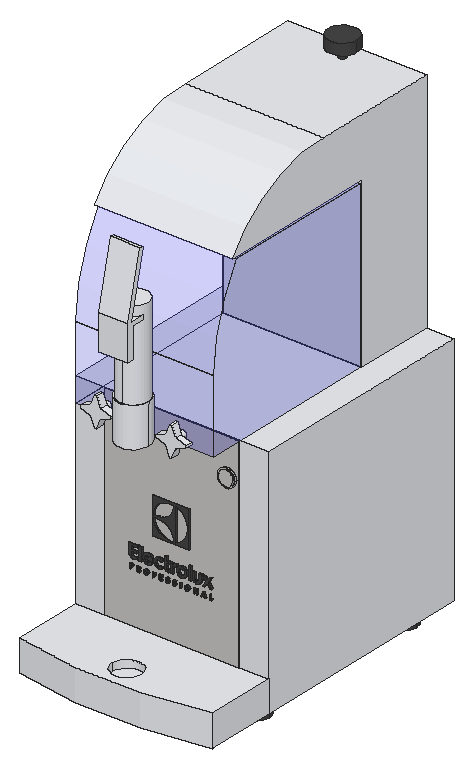
Revit family "QF_ELECTROLUXPROFESSIONAL_562526_GT1PR290", category Attrezzature speciali, Revit 2020
Family settings
  Quota connettore circolare = Usa diametro
  Tipo di parte = Normale
  Basato su piano di lavoro = No
  Sempre verticale = Sì
  Taglio con vuoti quando caricato = No
  Condiviso = No
  Punto di calcolo locali = No
Parameters (values of type "Standard")
  Weight = 28.00 kg
  Watts = 420 W
  Volts = 220 V
  URL Manufacturer = "https://www.electroluxprofessional.com/"
  URL = "https://www.electroluxprofessional.com/"
  Steam Supply Size = 0 mm
  Steam Supply Minimum Pressure = 0.0 Pa
  Steam Supply Maximum Pressure = 0.0 Pa
  Steam Consumption per Hour = 0
  Show Logo [instance] = yes
  Show Clearance [instance] = yes
  Refrigeration Suction Line Size = 0 mm
  Refrigeration Liquid Line Size = 0 mm
  Refrigerant Compressor Remote = yes
  Prospetto di default = 0 mm
  Produttore = "Electrolux Professional"
  Phase = 1
  Modello = "GT1PR290"
  Length Actual = 260 mm  # constant formula
  Item Number = "562526"
  Hot Water Size = 0 mm
  Height Actual = 650 mm  # constant formula
  HP = "0.6 HP"
  Gas Size = 0 mm
  Gas KW = 0
  Gas Input Pressure = 0 W
  Direct Waste Size = 0 mm
  Descrizione = "1X5 LT BOWL - FROZEN GRANITA, FROZEN CREAMS AND SOFT ICE CREAM DISPENSER - 1 INSULATED BOWL - WHITE, R290 - UK"
  Depth Actual = 425 mm  # constant formula
  Cycle = 50 Hz
  Condensate Return Size = 0 mm
  Compressed Air Volume = 0.0 L/s
  Compressed Air Size = 0 mm
  Compressed Air Pressure = 0.0 Pa
  Cold Water Size = 0 mm
  Accessory = yes
Reference planes
  plane 1: z = 0
  plane 2 "LEFT": x = -300
  plane 3 "BACK": y = 282.5
  plane 4: z = 648.875
  plane 5: z = 340
  plane 6: z = 63
  plane 7: z = 677
  plane 8: x = -38
  plane 9: y = -142.5
Forms (mm)
  Extrusion 1, solid, material "QF_Finishes_White"
    sketch origin (0, -1.353, -30) x (1, 0, 0) y (0, 1, 0)
      loop
        line (-300, 283.853) -> (-300, -31.147) -> (-38, -31.147) -> (-38, 283.853) -> (-300, 283.853)
    from 50 to 370
  Extrusion 2, solid, material "QF_Finishes_Stainless Steel"
    sketch origin (15.921, 130.5, -87.462) x (1, 0, 0) y (0, 1, 0)
      loop
        line (-93.921, -163) -> (-275.921, -163) -> (-275.921, -163.8) -> (-93.921, -163.8) -> (-93.921, -163)
    from 150.462 to 427.462
  Extrusion 3, solid, material "QF_Finishes_Stainless Steel"
    sketch origin (-521.596, -170.677, 18) x (0, -1, 0) y (1, 0, 0)
      loop
        line (-163.023, 407.596) -> (-163.023, 427.596) -> (-183.023, 427.596) -> (-183.023, 407.596) -> (-163.023, 407.596)
    from 0 to 2
Dimensions and locks
  plane 4 to level = 648.875 mm
  level to plane 7 = 677 mm
  plane 6 to level = 63 mm
  plane 5 to plane 6 = 277 mm
  plane 2 "LEFT" to plane 8 = 262 mm
  plane 9 to plane 3 "BACK" = 425 mm
  plane 5 to nested 11 = 246.5 mm
  plane 3 "BACK" to nested 11 = 417.25 mm
  plane 3 "BACK" to plane 9 = 425 mm
  aligned and locked: level to plane 1
Nested families
  nested 1: "MANOPOLA BEVERAGE" at (-220, -78.664, 353.538) x (0, 0, 1) z (0, -1, 0), type "MANOPOLA BEVERAGE"
  nested 2: "MANOPOLA BEVERAGE" at (-118, -78.664, 353.538) x (0, 0, 1) z (0, -1, 0), type "MANOPOLA BEVERAGE"
  nested 3: "PORTAGRANITE BEVERAGE-fat" at (-169, 107.419, 340), type "PORTAGRANITE BEVERAGE-fat"
  nested 4: "VASCHETTA BEVERAGE_Large" at (-169, -32.5, 41.5) x (1, 0, 0) z (0, -1, 0), type "VASCHETTA BEVERAGE_Large"
  nested 5: "ELXP_LOGO_ONLY_MEDIUM" at (-169, -33.3, 208.538) x (1, 0, 0) z (0, -1, 0), Show Logo <- "Show Logo", visible <- "Show Logo", type "ELXP_LOGO_ONLY_MEDIUM"
    with Show Logo yes
  nested 6: "ELX_LOGO_WORDS_MEDIUM" at (-169, -33.3, 149.149) x (1, 0, 0) z (0, -1, 0), visible <- "Show Logo", Show Logo <- "Show Logo", type "ELX_LOGO_WORDS_MEDIUM"
    with Show Logo yes
  nested 7: "Piedino 20x19 mm - Beverage" at (-264, 240.5, 0), type "Piedino 20x19 mm - Beverage"
  nested 8: "Piedino 20x19 mm - Beverage" at (-264, -9.5, 0), type "Piedino 20x19 mm - Beverage"
  nested 9: "Piedino 20x19 mm - Beverage" at (-74, 240.5, 0), type "Piedino 20x19 mm - Beverage"
  nested 10: "Piedino 20x19 mm - Beverage" at (-74, -9.5, 0), type "Piedino 20x19 mm - Beverage"
  nested 11: "BOCCHETTONE BEVERAGE_Tozzo" at (-167.625, -78.664, 463) x (1, 0, 0) z (0, -1, 0), type "BOCCHETTONE BEVERAGE_Tozzo"
  nested 12: "MANOPOLA APERTURA BEVERAGE " at (-169, 257.5, 648.875) x (-1, 0, 0) z (0, 0, 1), type "MANOPOLA APERTURA BEVERAGE "
  nested 13: "Bottone" at (-93, -33.3, 290) x (1, 0, 0) z (0, -1, 0), type "Bottone"
Connectors
  electrical at (-104, 2.346, 18), driven by "Volts"
    settings: on Extrusion 3, index 73, voltage 220 V, apparent load 0 VA, apparent load phase1 0 VA, apparent load phase2 0 VA, apparent load phase3 0 VA, power factor 1, load classification "Altro", number of poles 1, system type 30, power factor state 1, is connector primary yes, connector utility no, sub classification motor no, connector description "Electrical Connection"
Definition of nested family "MANOPOLA BEVERAGE"
  Parameters (values of type "MANOPOLA BEVERAGE")
    Default Elevation = 1219.2 mm
  Reference planes
    plane 1 "Centro (Fronte/Retro)": y = 0
    plane 2: z = 0
    plane 3 "Centro (Sinistra/Destra)": x = 0
    plane 4: z = 20
  Forms (mm)
    Extrusion 1, solid
      sketch origin (0, 0, 0) x (1, 0, 0) y (0, 1, 0)
        loop
          line (-1219.2, 1219.2) -> (-1219.2, -1219.2) -> (1219.2, -1219.2) -> (1219.2, 1219.2) -> (-1219.2, 1219.2)
      from 0 to -304.8
    Extrusion 2, solid
      sketch origin (0, 0, 10) x (1, 0, 0) y (0, 1, 0)
        loop
          line (-20, -1.333) -> (-6.314, -6.314) -> (-1.333, -20) -> (1.333, -20) -> (6.314, -6.314) -> (20, -1.333) -> (20, 1.333) -> (6.314, 6.314) -> (1.333, 20) -> (-1.333, 20) -> (-6.314, 6.314) -> (-20, 1.333) -> (-20, -1.333)
      from 0 to 10
    Extrusion 3, solid
      sketch origin (0, 0, 0) x (1, 0, 0) y (0, 1, 0)
        loop
          circle (0, 0) r 5
      from 0 to 10
  Dimensions and locks
    aligned and locked: plane 2 to Extrusion 1
    aligned and locked: level to Extrusion 1
Definition of nested family "PORTAGRANITE BEVERAGE-fat"
  Parameters (values of type "PORTAGRANITE BEVERAGE-fat")
    Default Elevation = 1219.2 mm
  Reference planes
    plane 1 "Centro (Fronte/Retro)": y = 0
    plane 2: z = 0
    plane 3 "Centro (Sinistra/Destra)": x = 0
    plane 4: x = -94
    plane 5: x = 94
  Forms (mm)
    Extrusion 1, solid
      sketch origin (0, 0, 0) x (1, 0, 0) y (0, 1, 0)
        loop
          line (-1219.2, 1219.2) -> (-1219.2, -1219.2) -> (1219.2, -1219.2) -> (1219.2, 1219.2) -> (-1219.2, 1219.2)
      from 0 to -304.8
    Extrusion 2, solid
      sketch origin (-94, -107.419, -376) x (0, 1, 0) y (0, 0, 1)
        loop
          line (172.5, 604.875) -> (172.5, 376) -> (282.5, 376) -> (282.5, 684.875) -> (107.419, 684.875)
          arc (107.419, 684.875) -> (20.241, 663.694) -> (-47.5, 604.875) r 190
          line (-47.5, 604.875) -> (172.5, 604.875)
      from 0 to 188
    Extrusion 3, solid
      sketch origin (-101.5, -107.419, -378) x (0, 1, 0) y (0, 0, 1)
        loop
          line (170.5, 378) -> (170.5, 603) -> (-39.5, 603)
          arc (-39.5, 603) -> (-68.644, 543.496) -> (-78.664, 478) r 219.065
          line (-78.664, 478) -> (-78.664, 378) -> (170.5, 378)
      from 7.5 to 195.5
  Dimensions and locks
    plane 4 to plane 5 = 188 mm  (x2)
    Extrusion 2 sketch curve to Extrusion 2 sketch curve = 330 mm
    Extrusion 2 to Extrusion 3 sketch curve = 361.164 mm
    Extrusion 2 sketch curve to Extrusion 1 = 308.875 mm
    Extrusion 2 to Extrusion 3 = 361.164 mm
    Extrusion 2 to Extrusion 1 = 308.875 mm
    aligned and locked: plane 2 to Extrusion 1
    aligned and locked: level to Extrusion 1
Definition of nested family "VASCHETTA BEVERAGE_Large"
  Parameters (values of type "VASCHETTA BEVERAGE_Large")
    Default Elevation = 1219.2 mm
    Length = 262 mm
    Heigth = 43 mm
    Deep = 110 mm
  Reference planes
    plane 1 "Centro (Fronte/Retro)": y = 0
    plane 2: z = 0
    plane 3 "Centro (Sinistra/Destra)": x = 0
    plane 4: z = 110
    plane 5: x = 131
    plane 6: x = -131
  Forms (mm)
    Extrusion 1, solid
      sketch origin (0, 0, 0) x (1, 0, 0) y (0, 1, 0)
        loop
          line (-1219.2, 1219.2) -> (-1219.2, -1219.2) -> (1219.2, -1219.2) -> (1219.2, 1219.2) -> (-1219.2, 1219.2)
      from 0 to -304.8
    Extrusion 2, void
      sketch origin (202.5, -88.5, -167.5) x (1, 0, 0) y (0, 0, -1)
        loop
          circle (-202.5, -244.664) r 20
      from 100 to 110
    Extrusion 3, solid
      sketch origin (0, -2.5, 0) x (1, 0, 0) y (0, 0, 1)
        loop
          arc (131, 95) -> (0, 110.167) -> (-131, 95) r 573.335
          line (-131, 95) -> (-131, 0) -> (131, 0) -> (131, 95)
      from -24 to 19
  Cuts and joins
    Extrusion 2 cuts Extrusion 3
  Dimensions and locks
    "Heigth": Extrusion 3 to Extrusion 3
    "Length": plane 6 to plane 5
    "Deep": Extrusion 1 to plane 4
    aligned and locked: plane 2 to Extrusion 1
    aligned and locked: level to Extrusion 1
  Automatic sketch dimensions
    Extrusion 1 sketch curve to Extrusion 1 sketch curve = 2438.4 mm  (x2)
    Extrusion 2 sketch curve to plane 3 "Centro (Sinistra/Destra)" = 0 mm
    plane 4 to Extrusion 2 sketch curve = 32.836 mm
    Extrusion 3 sketch curve to level = 0 mm
    plane 6 to Extrusion 3 sketch curve = 0 mm
    Extrusion 3 sketch curve to plane 3 "Centro (Sinistra/Destra)" = 0 mm
    plane 5 to Extrusion 3 sketch curve = 0 mm
    Extrusion 3 sketch curve to level = 463.168 mm
    plane 4 to Extrusion 3 sketch curve = 15 mm
    Extrusion 3 sketch curve to Extrusion 3 sketch curve = 0 mm
    radius of Extrusion 2 sketch curve = 20 mm
Definition of nested family "ELXP_LOGO_ONLY_MEDIUM"
  Parameters (values of type "ELXP_LOGO_ONLY_MEDIUM")
    Show Logo [instance] = yes
    Default Elevation = 0 mm
  Reference planes
    plane 1 "Centro (Fronte/Retro)": y = 0
    plane 2: z = 0
    plane 3 "Centro (Sinistra/Destra)": x = 0
  Forms (mm)
    Extrusion 1, solid
      sketch origin (0, 0, 0) x (1, 0, 0) y (0, 1, 0)
        loop
          line (-1219.2, 1219.2) -> (-1219.2, -1219.2) -> (1219.2, -1219.2) -> (1219.2, 1219.2) -> (-1219.2, 1219.2)
      from 0 to -304.8
    Extrusion 2, solid, visible <- "Show Logo"
      sketch origin (15.862, -72.798, 0) x (1, 0, 0) y (0, 1, 0)
        loop
          line (-40.901, 47.952) -> (9.138, 47.952) -> (9.138, 97.923) -> (-40.901, 97.923) -> (-40.901, 47.952)
        loop
          line (-9.2, 95.47) -> (-9.2, 50.507)
          arc (-9.2, 50.507) -> (7.421, 72.988) -> (-9.2, 95.47) r 23.515
        loop
          line (-11.486, 92.214) -> (-11.486, 95.47)
          arc (-11.486, 95.47) -> (-30.185, 91.22) -> (-39.194, 74.292) r 23.044
          line (-39.194, 74.292) -> (-31.756, 74.292)
          arc (-31.756, 74.292) -> (-18.467, 79.686) -> (-11.486, 92.214) r 21.599
        loop
          arc (-39.194, 71.685) -> (-30.2, 54.618) -> (-11.486, 49.93) r 23.647
          line (-11.486, 49.93) -> (-11.486, 53.763)
          arc (-11.486, 53.763) -> (-18.467, 66.291) -> (-31.756, 71.685) r 21.599
          line (-31.756, 71.685) -> (-39.194, 71.685)
      from 0 to 1.644
  Dimensions and locks
    aligned and locked: plane 2 to Extrusion 1
    aligned and locked: level to Extrusion 1
Definition of nested family "ELX_LOGO_WORDS_MEDIUM"
  Parameters (values of type "ELX_LOGO_WORDS_MEDIUM")
    Show Logo [instance] = yes
    Default Elevation = 0 mm
  Reference planes
    plane 1 "Centro (Fronte/Retro)": y = 0
    plane 2: z = 0
    plane 3 "Centro (Sinistra/Destra)": x = 0
  Forms (mm)
    Extrusion 1, solid
      sketch origin (0, 0, 0) x (1, 0, 0) y (0, 1, 0)
        loop
          line (-1219.2, 1219.2) -> (-1219.2, -1219.2) -> (1219.2, -1219.2) -> (1219.2, 1219.2) -> (-1219.2, 1219.2)
      from 0 to -304.8
    Extrusion 2, solid, visible <- "Show Logo"
      sketch origin (0, 0, 0) x (1, 0, 0) y (0, 1, 0)
        loop
          line (-45.351, 15.842) -> (-56.505, 15.842) -> (-56.505, 2.853)
          arc (-56.505, 2.853) -> (-55.037, -0.691) -> (-51.493, -2.159) r 5.012
          line (-51.493, -2.159) -> (-45.135, -2.159) -> (-45.135, 0.755) -> (-50.767, 0.755)
          arc (-50.767, 0.755) -> (-52.618, 1.38) -> (-53.406, 3.168) r 2.423
          line (-53.406, 3.168) -> (-53.406, 5.743) -> (-45.833, 5.743) -> (-45.833, 8.668) -> (-53.406, 8.668) -> (-53.406, 12.925) -> (-45.351, 12.925) -> (-45.351, 15.842)
        loop
          line (-42.933, 15.842) -> (-42.933, -2.159) -> (-39.832, -2.159) -> (-39.832, 15.842) -> (-42.933, 15.842)
        loop
          line (24.405, 15.842) -> (24.405, -2.159) -> (27.508, -2.159) -> (27.508, 15.842) -> (24.405, 15.842)
        loop
          line (-34.705, 3.589) -> (-24.531, 3.589)
          arc (-24.531, 3.589) -> (-26.123, 9.178) -> (-31.565, 11.217) r 6.447
          arc (-31.565, 11.217) -> (-36.358, 8.786) -> (-37.726, 3.589) r 6.56
          arc (-37.726, 3.589) -> (-35.926, -0.757) -> (-31.58, -2.557) r 6.146
          arc (-31.58, -2.557) -> (-28.198, -2.058) -> (-25.362, -0.149) r 7.726
          line (-25.362, -0.149) -> (-27.199, 1.688)
          arc (-27.199, 1.688) -> (-29.61, 0.242) -> (-32.411, 0.485) r 4.558
          arc (-32.411, 0.485) -> (-34.119, 1.622) -> (-34.705, 3.589) r 3.019
        loop
          line (-34.628, 5.769) -> (-27.646, 5.769)
          arc (-27.646, 5.769) -> (-28.626, 7.83) -> (-30.779, 8.59) r 2.974
          arc (-30.779, 8.59) -> (-33.263, 7.943) -> (-34.628, 5.769) r 3.481
        loop
          line (-12.445, 7.067) -> (-10.499, 9.013)
          arc (-10.499, 9.013) -> (-12.94, 10.78) -> (-15.907, 11.309) r 6.746
          arc (-15.907, 11.309) -> (-20.432, 9.655) -> (-22.806, 5.463) r 6.977
          arc (-22.806, 5.463) -> (-18.803, -1.885) -> (-10.608, -0.191) r 7.026
          line (-10.608, -0.191) -> (-12.544, 1.745)
          arc (-12.544, 1.745) -> (-16.723, 0.362) -> (-19.717, 3.589) r 4.071
          arc (-19.717, 3.589) -> (-19.509, 6.14) -> (-17.752, 8.002) r 3.867
          arc (-17.752, 8.002) -> (-14.941, 8.431) -> (-12.445, 7.067) r 4.442
        loop
          line (-8.594, 15.842) -> (-8.594, 3.541)
          arc (-8.594, 3.541) -> (-8.326, 1.695) -> (-7.635, -0.038) r 7.951
          arc (-7.635, -0.038) -> (-5.422, -1.797) -> (-2.62, -2.167) r 5.297
          line (-2.62, -2.167) -> (-2.62, 0.738)
          arc (-2.62, 0.738) -> (-3.453, 0.802) -> (-4.23, 1.109) r 2.792
          arc (-4.23, 1.109) -> (-5.227, 2.163) -> (-5.494, 3.589) r 2.57
          line (-5.494, 3.589) -> (-5.494, 8.043) -> (-2.678, 8.043) -> (-2.678, 10.86) -> (-5.494, 10.86) -> (-5.494, 15.842) -> (-8.594, 15.842)
        loop
          arc (3.006, 4.684) -> (3.228, 5.982) -> (3.868, 7.133) r 3.911
          arc (3.868, 7.133) -> (5.725, 8.086) -> (7.812, 8.043) r 4.26
          line (7.812, 8.043) -> (7.812, 11.023)
          arc (7.812, 11.023) -> (5.085, 10.766) -> (3.006, 8.983) r 4.524
          line (3.006, 8.983) -> (3.006, 10.86) -> (-0.069, 10.86) -> (-0.069, -2.159) -> (3.006, -2.159) -> (3.006, 4.684)
        loop
          circle (15.393, 4.348) r 6.899
        loop
          circle (15.393, 4.348) r 4.181
        loop
          arc (38.69, 3.262) -> (37.924, 1.158) -> (35.848, 0.319) r 2.752
          arc (35.848, 0.319) -> (33.771, 1.158) -> (33.005, 3.262) r 2.752
          line (33.005, 3.262) -> (33.005, 10.859) -> (29.879, 10.859) -> (29.879, 3.004)
          arc (29.879, 3.004) -> (31.658, -1.052) -> (35.848, -2.489) r 5.512
          arc (35.848, -2.489) -> (40.084, -1.008) -> (41.815, 3.132) r 5.512
          line (41.815, 3.132) -> (41.815, 10.859) -> (38.69, 10.859) -> (38.69, 3.262)
        loop
          line (43.689, 10.859) -> (48.192, 4.746) -> (43.245, -2.164) -> (46.578, -2.164) -> (49.861, 2.422) -> (53.193, -2.164) -> (56.505, -2.164) -> (51.629, 4.817) -> (56.087, 10.859) -> (52.703, 10.859) -> (49.851, 6.995) -> (47.043, 10.859) -> (43.689, 10.859)
        loop
          line (-53.813, -9.621) -> (-56.285, -9.621) -> (-56.285, -15.847) -> (-54.932, -15.847) -> (-54.932, -13.703) -> (-53.437, -13.703)
          arc (-53.437, -13.703) -> (-51.764, -11.49) -> (-53.813, -9.621) r 2.058
        loop
          arc (-53.496, -12.48) -> (-52.984, -11.679) -> (-53.496, -10.879) r 0.881
          line (-53.496, -10.879) -> (-54.932, -10.879) -> (-54.932, -12.48) -> (-53.496, -12.48)
        loop
          line (-44.045, -9.621) -> (-46.56, -9.621) -> (-46.56, -15.847) -> (-45.207, -15.847) -> (-45.207, -13.703) -> (-43.898, -13.703) -> (-43.003, -15.847) -> (-41.55, -15.847) -> (-42.774, -13.222)
          arc (-42.774, -13.222) -> (-42.188, -12.521) -> (-41.991, -11.628) r 1.922
          arc (-41.991, -11.628) -> (-42.609, -10.206) -> (-44.045, -9.621) r 2.055
        loop
          line (-45.207, -10.879) -> (-45.207, -12.48) -> (-43.771, -12.48)
          arc (-43.771, -12.48) -> (-43.258, -11.679) -> (-43.771, -10.879) r 0.881
          line (-43.771, -10.879) -> (-45.207, -10.879)
        loop
          circle (-33.602, -12.734) r 3.233
        loop
          circle (-33.602, -12.734) r 2.052
        loop
          line (-25.054, -9.622) -> (-25.054, -15.847) -> (-23.734, -15.847) -> (-23.734, -13.671) -> (-21.392, -13.671) -> (-21.392, -12.276) -> (-23.734, -12.276) -> (-23.734, -10.963) -> (-21.167, -10.963) -> (-21.167, -9.622) -> (-25.054, -9.622)
        loop
          line (-15.917, -9.622) -> (-15.917, -13.825)
          arc (-15.917, -13.825) -> (-15.343, -15.249) -> (-13.926, -15.842) r 1.991
          line (-13.926, -15.842) -> (-11.917, -15.842) -> (-11.917, -14.666) -> (-13.806, -14.666)
          arc (-13.806, -14.666) -> (-14.501, -14.091) -> (-14.638, -13.198) r 1.267
          line (-14.638, -13.198) -> (-12.15, -13.198) -> (-12.15, -12.023) -> (-14.638, -12.023) -> (-14.638, -10.797) -> (-11.977, -10.797) -> (-11.977, -9.622) -> (-15.917, -9.622)
        loop
          arc (6.626, -10.41) -> (5.801, -9.733) -> (4.757, -9.518) r 2.228
          arc (4.757, -9.518) -> (3.792, -9.755) -> (2.999, -10.352) r 2.468
          arc (2.999, -10.352) -> (2.853, -11.766) -> (3.765, -12.856) r 1.825
          arc (3.765, -12.856) -> (4.531, -13.112) -> (5.259, -13.464) r 6.301
          arc (5.259, -13.464) -> (5.719, -14.005) -> (5.402, -14.641) r 0.645
          arc (5.402, -14.641) -> (4.814, -14.78) -> (4.228, -14.631) r 1.269
          arc (4.228, -14.631) -> (3.722, -14.266) -> (3.412, -13.725) r 1.474
          line (3.412, -13.725) -> (2.324, -14.233)
          arc (2.324, -14.233) -> (2.716, -14.99) -> (3.348, -15.561) r 2.393
          arc (3.348, -15.561) -> (4.065, -15.867) -> (4.841, -15.945) r 2.579
          arc (4.841, -15.945) -> (5.8, -15.754) -> (6.664, -15.295) r 3.369
          arc (6.664, -15.295) -> (7.045, -14.28) -> (6.848, -13.214) r 2.023
          arc (6.848, -13.214) -> (6.423, -12.723) -> (5.879, -12.368) r 2.346
          arc (5.879, -12.368) -> (5.19, -12.061) -> (4.485, -11.796) r 12.353
          arc (4.485, -11.796) -> (4.077, -11.162) -> (4.666, -10.692) r 0.562
          arc (4.666, -10.692) -> (5.372, -10.862) -> (5.915, -11.344) r 1.497
          line (5.915, -11.344) -> (6.626, -10.41)
        loop
          line (12.337, -9.622) -> (12.337, -15.842) -> (13.616, -15.842) -> (13.616, -9.622) -> (12.337, -9.622)
        loop
          circle (22.24, -12.732) r 1.935
        loop
          circle (22.24, -12.732) r 3.231
        loop
          line (30.821, -15.842) -> (32.114, -15.842) -> (32.114, -11.931) -> (34.96, -15.842) -> (36.203, -15.842) -> (36.203, -9.622) -> (34.911, -9.622) -> (34.911, -13.651) -> (32.065, -9.622) -> (30.821, -9.622) -> (30.821, -15.842)
        loop
          line (42.652, -15.842) -> (43.258, -14.5) -> (45.559, -14.5) -> (46.165, -15.842) -> (47.54, -15.842) -> (44.912, -9.622) -> (43.712, -9.622) -> (41.279, -15.842) -> (42.652, -15.842)
        loop
          line (44.985, -13.224) -> (44.369, -11.857) -> (43.77, -13.224) -> (44.985, -13.224)
        loop
          line (53.893, -14.666) -> (53.893, -9.622) -> (52.614, -9.622) -> (52.614, -15.842) -> (56.285, -15.842) -> (56.285, -14.666) -> (53.893, -14.666)
        loop
          arc (-2.701, -10.41) -> (-3.525, -9.733) -> (-4.57, -9.518) r 2.228
          arc (-4.57, -9.518) -> (-5.534, -9.755) -> (-6.327, -10.352) r 2.468
          arc (-6.327, -10.352) -> (-6.473, -11.766) -> (-5.562, -12.856) r 1.825
          arc (-5.562, -12.856) -> (-4.795, -13.112) -> (-4.067, -13.464) r 6.301
          arc (-4.067, -13.464) -> (-3.608, -14.005) -> (-3.924, -14.641) r 0.645
          arc (-3.924, -14.641) -> (-4.512, -14.78) -> (-5.098, -14.631) r 1.269
          arc (-5.098, -14.631) -> (-5.604, -14.266) -> (-5.914, -13.725) r 1.474
          line (-5.914, -13.725) -> (-7.002, -14.233)
          arc (-7.002, -14.233) -> (-6.61, -14.99) -> (-5.978, -15.561) r 2.393
          arc (-5.978, -15.561) -> (-5.261, -15.867) -> (-4.485, -15.945) r 2.579
          arc (-4.485, -15.945) -> (-3.526, -15.754) -> (-2.663, -15.295) r 3.369
          arc (-2.663, -15.295) -> (-2.281, -14.28) -> (-2.478, -13.214) r 2.023
          arc (-2.478, -13.214) -> (-2.903, -12.723) -> (-3.448, -12.368) r 2.346
          arc (-3.448, -12.368) -> (-4.136, -12.061) -> (-4.842, -11.796) r 12.353
          arc (-4.842, -11.796) -> (-5.249, -11.162) -> (-4.66, -10.692) r 0.562
          arc (-4.66, -10.692) -> (-3.954, -10.862) -> (-3.412, -11.344) r 1.497
          line (-3.412, -11.344) -> (-2.701, -10.41)
      from 0 to 1.644
  Dimensions and locks
    aligned and locked: plane 2 to Extrusion 1
    aligned and locked: level to Extrusion 1
Definition of nested family "Piedino 20x19 mm - Beverage"
  Parameters (values of type "Piedino 20x19 mm - Beverage")
    Default Elevation = 0 mm
    P = 930 mm
    L = 400 mm
    H = 290 mm
  Reference planes
    plane 1: y = 0
    plane 2: z = 0
    plane 3: x = 0
    plane 4: z = 290
    plane 5: z = 24
    plane 6: z = 55
  Forms (mm)
    Extrusion 1, solid
      sketch origin (-373.847, 979.72, 0) x (1, 0, 0) y (0, 1, 0)
        loop
          circle (373.847, -979.72) r 19
      from 0 to 20
  Dimensions and locks
    "H": plane 4 to level
    plane 4 to plane 5 to level = 266 mm, 24 mm
    level to plane 6 = 55 mm
    aligned and locked: level to plane 2
  Automatic sketch dimensions
    plane 3 to Extrusion 1 sketch curve = 0 mm
    plane 1 to Extrusion 1 sketch curve = 0 mm
    radius of Extrusion 1 sketch curve = 19 mm
Definition of nested family "BOCCHETTONE BEVERAGE_Tozzo"
  Parameters (values of type "BOCCHETTONE BEVERAGE_Tozzo")
    Default Elevation = 1219.2 mm
  Reference planes
    plane 1 "Centro (Fronte/Retro)": y = 0
    plane 2: z = 0
    plane 3 "Centro (Sinistra/Destra)": x = 0
    plane 4: y = -123.5
    plane 5: y = 123.5
    plane 6: z = 22.09
  Forms (mm)
    Extrusion 1, solid
      sketch origin (0, 0, 0) x (1, 0, 0) y (0, 1, 0)
        loop
          line (-1219.2, 1219.2) -> (-1219.2, -1219.2) -> (1219.2, -1219.2) -> (1219.2, 1219.2) -> (-1219.2, 1219.2)
      from 0 to -304.8
    Extrusion 2, solid
      sketch origin (0, -51.625, 19.664) x (0, 0, 1) y (1, 0, 0)
        loop
          circle (2.426, 0) r 20
      from -18.353 to 101.625
    Extrusion 3, void
      sketch origin (-4.375, -126.625, 34.086) x (1, 0, 0) y (0, 0, -1)
        loop
          line (27.179, -16.141) -> (27.179, 12.684) -> (6.226, 12.684) -> (6.226, -10.188) -> (21.226, -10.188) -> (27.179, -16.141)
        loop
          line (-18.429, -16.141) -> (-12.476, -10.188) -> (2.524, -10.188) -> (2.524, 12.684) -> (-18.429, 12.684) -> (-18.429, -16.141)
      from 104.337 to 159.894
    Extrusion 4, solid
      sketch origin (25, -97.404, 18.125) x (0, 0, 1) y (0, 1, 0)
        loop
          line (11.922, 135.839) -> (11.922, 88.779) -> (37.961, 88.779) -> (37.961, 136.453) -> (16.929, 220.809) -> (12.077, 219.599) -> (32.961, 135.839) -> (11.922, 135.839)
      from 5 to 45
    Extrusion 5, solid
      sketch origin (0, -126.625, 25.97) x (1, 0, 0) y (0, 0, -1)
        loop
          circle (0, 3.97) r 22
      from 3.125 to 56.647
  Cuts and joins
    Extrusion 3 cuts Extrusion 4
    joined: Extrusion 2, Extrusion 4
  Dimensions and locks
    plane 5 to plane 4 = 247 mm
    plane 5 to plane 1 "Centro (Fronte/Retro)" to plane 4 = 123.5 mm, 123.5 mm
    cut or joined group of Extrusion 2, Extrusion 3, Extrusion 4 to Extrusion 1 = 56.086 mm
    aligned and locked: plane 2 to Extrusion 1
    aligned and locked: level to Extrusion 1
Definition of nested family "MANOPOLA APERTURA BEVERAGE "
  Parameters (values of type "MANOPOLA APERTURA BEVERAGE ")
    Default Elevation = 1219.2 mm
  Reference planes
    plane 1 "Centro (Fronte/Retro)": y = 0
    plane 2: z = 0
    plane 3 "Centro (Sinistra/Destra)": x = 0
    plane 4: z = 27
  Forms (mm)
    Extrusion 1, solid
      sketch origin (0, 0, 0) x (1, 0, 0) y (0, 1, 0)
        loop
          line (-1219.2, 1219.2) -> (-1219.2, -1219.2) -> (1219.2, -1219.2) -> (1219.2, 1219.2) -> (-1219.2, 1219.2)
      from 0 to -304.8
    Extrusion 2, solid
      sketch origin (0, 0, 0) x (1, 0, 0) y (0, 1, 0)
        loop
          circle (0, 0) r 5
      from 0 to 12
    Extrusion 3, solid
      sketch origin (0, 0, 12) x (1, 0, 0) y (0, 1, 0)
        loop
          circle (0, 0) r 20
      from 0 to 15
  Dimensions and locks
    Extrusion 1 to plane 4 = 27 mm
    aligned and locked: plane 2 to Extrusion 1
    aligned and locked: level to Extrusion 1
Definition of nested family "Bottone"
  Parameters (values of type "Bottone")
    Default Elevation = 1219.2 mm
  Reference planes
    plane 1 "Centro (Fronte/Retro)": y = 0
    plane 2: z = 0
    plane 3 "Centro (Sinistra/Destra)": x = 0
  Forms (mm)
    Extrusion 1, solid
      sketch origin (0, 0, 0) x (1, 0, 0) y (0, 1, 0)
        loop
          line (-1219.2, 1219.2) -> (-1219.2, -1219.2) -> (1219.2, -1219.2) -> (1219.2, 1219.2) -> (-1219.2, 1219.2)
      from 0 to -304.8
    Extrusion 2, solid
      sketch origin (0, 0, 0) x (1, 0, 0) y (0, 1, 0)
        loop
          circle (0, 0) r 12
        loop
          circle (0, 0) r 10
      from 0 to 2
    Extrusion 3, solid
      sketch origin (0, 0, 0) x (1, 0, 0) y (0, 1, 0)
        loop
          circle (0, 0) r 9.75
      from 0 to 3
  Dimensions and locks
    aligned and locked: plane 2 to Extrusion 1
    aligned and locked: level to Extrusion 1
